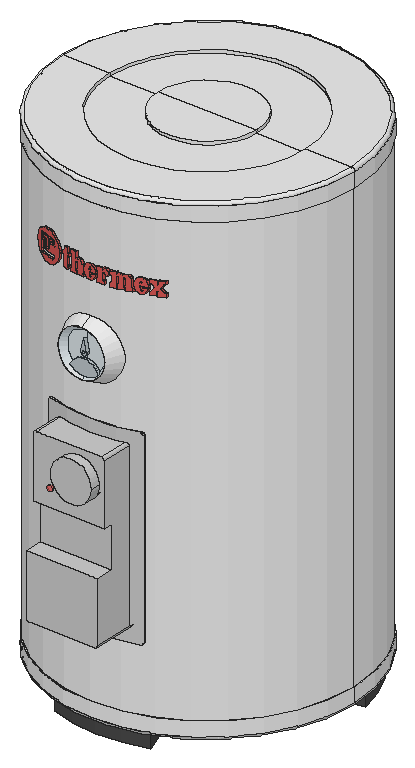
Revit family "THERMEX COMBI ER", category Оборудование, Revit 2017
Family settings
  Размер круглого соединителя = Использовать диаметр
  Тип детали = Нормальный
  На основе рабочей плоскости = Нет
  Всегда вертикально = Да
  При загрузке вырезать с полостями = Нет
  Общий = Нет
  Точка расчета площади = Нет
Parameters (values of type "80")
  ТриЧетверти = THERMEX_ER_COMBI_РезьбаCоCбегами_Наруж : 3/4"
  Т4 = 436.000 mm
  Т3 = 746.000 mm
  Т2 = 236.000 mm
  Т1 = 636.000 mm
  Резьба = if(ДиамТела > 600.000 mm, Дюйм, ТриЧетверти)  # THERMEX_ER_COMBI_РезьбаCоCбегами_Наруж : 3/4"
  РадТелаМинусДесять = РадТела - 10.000 mm  # 240.000 mm
  РадТелаМинус90то = РадТела - 90.000 mm  # 160.000 mm
  РадТела = ДиамТела / 2  # 250.000 mm
  РадРучк = 35.000 mm
  РадФартук = РадТела + 2.000 mm  # 252.000 mm
  РадНарВ1иТ3 = ДиамНарВ1иТ3 / 2  # 12.640 mm
  РадВнутрВ1иТ3 = РадНарВ1иТ3 - 2.500 mm  # 10.140 mm
  Описание = "Бак нагревателя выполнен из стали с биостеклофарфоровым покрытием. Нагрев осуществляется медным змеевидным теплообменником подключаемым к котлу отопления или к иному источнику тепловой энергии и/или ТЭНами. Помимо патрубков подключения холодной, горячей воды и теплоносителя имеются два патрубка-кармана для термодатчиков, что, наряду с электронным управлением, позволяет эффективно интегрировать нагреватель с отопительным котлом"  # constant formula
  Ноги = 25.000 mm
  Лого80 = ЛОГО_220мм_для_COMBI : ЛОГО_220мм_для_COMBI
  Лого300 = ЛОГО_220мм_для_COMBI300 : ЛОГО_220мм_для_COMBI300
  Лого200 = ЛОГО_220мм_для_COMBI200 : ЛОГО_220мм_для_COMBI200
  Лого = if(ДиамТела = 500.000 mm, Лого80, if(ДиамТела = 620.000 mm, Лого300, Лого200))  # ЛОГО_220мм_для_COMBI : ЛОГО_220мм_для_COMBI
  ЛицоБлока = РадТела + if(ДиамТела < 501.000 mm, 62.000 mm, 97.000 mm)  # 312.000 mm
  КореньБлока = РадТела - 62.000 mm  # 188.000 mm
  Комментарии к типоразмеру = "Модель разработана по заказу ТЕРМЕКС, автор Михаил Кузьмин НПО Инкомис, правообладатель ТЕРМЕКС"  # constant formula
  Изготовитель = "ТЕРМЕКС"  # constant formula
  Дюйм = THERMEX_ER_COMBI_РезьбаCоCбегами_Наруж : 1"
  ДуТ4 = 20.000 mm  # constant formula
  ДуТ3 = if(ДиамТела < 600.000 mm, 20.000 mm, 25.000 mm)  # 20.000 mm
  ДуТ2 = 20.000 mm  # constant formula
  ДуТ1 = 20.000 mm  # constant formula
  ДуВ1 = if(ДиамТела < 600.000 mm, 20.000 mm, 25.000 mm)  # 20.000 mm
  ДоНижнегоДатчика = 336.000 mm
  ДоВерхнегоДатчика = 536.000 mm
  ДиамТела = 500.000 mm
  ДиамНарВ1иТ3 = if(Высота > 1500.000 mm, 31.770 mm, 25.280 mm)  # 25.280 mm
  Высота = 850.000 mm
  В1 = 126.000 mm
  URL = "http://thermex.ru/catalog/seriya-combi/thermex-er-80-v-combi/"
  H = 326.000 mm
  ADSK_Примечание = ""
  ADSK_Позиция = "COMBI80ER"
  ADSK_Обозначение = "ГОСТ 28361-89 (МЭК 379-87)"  # constant formula
  ADSK_Наименование = "Водонагреватель аккумуляционный, комбинированный, V80л Thermex COMBI ER"
  ADSK_Масса_Текст = "41"
  ADSK_Завод-изготовитель = "ТЕРМЕКС"  # constant formula
  ADSK_Единица измерения = "шт"  # constant formula
  ADSK_Версия семейства = ""
  ADSK_Версия Revit = ""
Reference planes
  plane 1 "По центру (Вперед/Назад)": y = 0
  plane 2: z = 0
  plane 3 "По центру (Влево/Вправо)": x = 0
  plane 4: z = 25
  plane 5: z = 55
  plane 6 "Т3": z = 746
  plane 7: z = 820
  plane 8: z = 850
  plane 9: x = -250
  plane 10: x = -230
  plane 11: x = -120
  plane 12: x = -251
  plane 13: z = 489.11
  plane 14: z = 162.89
  plane 15: x = -80.757
  plane 16 "3": z = 326
  plane 17: x = 80.757
  plane 18: y = -312
  plane 19: x = -60.757
  plane 20: x = 60.757
  plane 21: y = -188
  plane 22: z = 758.64
  plane 23: z = 469.11
  plane 24: z = 182.89
  plane 25: z = 845
  plane 26: z = 361.064
  plane 27: z = 290.936
  plane 28: y = -297
  plane 29: y = -282
  plane 30: x = 15.757
  plane 31: z = 424.11
  plane 32: x = -30.757
  plane 33: z = 391.064
  plane 34: y = 240
  plane 35: y = 250
  plane 36: y = 260
  plane 37: y = 270
  plane 38: z = 771.28
  plane 39: z = 783.92
  plane 40 "Т1": z = 636
  plane 41: z = 648.64
  plane 42: z = 661.28
  plane 43: z = 673.92
  plane 44 "ГнездоДляДатчикаВерхнее": z = 536
  plane 45: z = 548.64
  plane 46: z = 561.28
  plane 47: z = 573.92
  plane 48 "Т4": z = 436
  plane 49: z = 448.64
  plane 50: z = 461.28
  plane 51: z = 473.92
  plane 52 "Т2": z = 236
  plane 53: z = 248.64
  plane 54: z = 261.28
  plane 55: z = 273.92
  plane 56 "В1": z = 126
  plane 57: z = 138.64
  plane 58: z = 151.28
  plane 59: z = 163.92
  plane 60 "ГнездоДляДатчикаНижнее": z = 336
  plane 61: z = 348.64
  plane 62: z = 361.28
  plane 63: z = 373.92
  plane 64: z = 716
  plane 65: y = 290
  plane 66: z = 546.14
  plane 67: z = 538.5
  plane 68: z = 346.14
  plane 69: z = 338.5
  plane 70: z = 596
  plane 71: z = 656
  plane 72: z = 636
  plane 73: y = -250
  plane 74: y = -230
  plane 75: y = -270
  plane 76: through (0, 0, 1200) normal (0.1736, -0.9848, 0)
  plane 77: through (0, 0, 1200) normal (0.766, -0.6428, 0)
  plane 78: through (0, 0, 1200) normal (-0.766, -0.6428, 0)
  plane 79: through (0, 0, 1200) normal (-0.1736, -0.9848, 0)
  plane 80: through (0, 0, 1200) normal (0.9397, -0.342, 0)
  plane 81: through (0, 0, 1200) normal (0.9397, 0.342, 0)
Forms (mm)
  Extrusion 1, solid, material "Пластмасса, непрозрачная, белая"
    sketch origin (0, 0, 0) x (1, 0, 0) y (0, 1, 0)
      loop
        circle (0, 0) r 250
    from 55 to 820
  Revolve 2, solid, material "Пластмасса, непрозрачная, белая"
    sketch origin (0, 0, 0) x (1, 0, 0) y (0, 0, 1)
      loop
        line (0, 820) -> (0, 850) -> (-83.667, 850) -> (-83.667, 845) -> (-167.333, 845) -> (-167.333, 850) -> (-246, 850)
        arc (-246, 850) -> (-249.536, 848.536) -> (-251, 845) r 5
        line (-251, 845) -> (-251, 820) -> (0, 820)
      axis (0, 850) -> (0, 820)
    angle from 0 to 360
  Revolve 3, solid, material "Пластмасса, непрозрачная, белая"
    sketch origin (0, 0, 0) x (1, 0, 0) y (0, 0, 1)
      loop
        line (-251, 55) -> (-251, 30)
        arc (-251, 30) -> (-249.536, 26.464) -> (-246, 25) r 5
        line (-246, 25) -> (0, 25) -> (0, 55) -> (-251, 55)
      axis (0, 55) -> (0, 25)
    angle from 0 to 360
  Extrusion 4, solid, material "Цинк"
    sketch origin (0, 0, 0) x (1, 0, 0) y (0, 0, 1)
      loop
        circle (0, 746) r 10.14
      loop
        circle (0, 746) r 12.64
    from -270 to -240
  Revolve 5, solid, material "Алюминий, анодированный красный"
    sketch origin (0, 0, 0) x (0, -1, 0) y (0, 0, 1)
      loop
        arc (-240, 783.92) -> (-253.482, 783.11) -> (-260, 771.28) r 13.994
        line (-260, 771.28) -> (-260, 758.64) -> (-240, 758.64) -> (-240, 783.92)
      axis (-240, 746) -> (-260, 746)
    angle from 0 to 360
  Extrusion 6, solid, material "Алюминий, анодированный серебристый"
    sketch origin (0, 0, 326) x (0, -1, 0) y (1, 0, 0)
      loop
        line (236.597, -80.757) -> (238.71, -80.757)
        arc (238.71, -80.757) -> (252, 0) -> (238.71, 80.757) r 252
        line (238.71, 80.757) -> (236.597, 80.757)
        arc (236.597, 80.757) -> (250, 0) -> (236.597, -80.757) r 250
    from -163.11 to 163.11
  Extrusion 7, void
    sketch origin (0, 0, 0) x (1, 0, 0) y (0, 0, 1)
      loop
        line (-80.757, 489.11) -> (-80.757, 484.11)
        arc (-80.757, 484.11) -> (-79.293, 487.646) -> (-75.757, 489.11) r 5
        line (-75.757, 489.11) -> (-80.757, 489.11)
      loop
        line (80.757, 489.11) -> (75.757, 489.11)
        arc (75.757, 489.11) -> (79.293, 487.646) -> (80.757, 484.11) r 5
        line (80.757, 484.11) -> (80.757, 489.11)
      loop
        line (-80.757, 162.89) -> (-75.757, 162.89)
        arc (-75.757, 162.89) -> (-79.293, 164.354) -> (-80.757, 167.89) r 5
        line (-80.757, 167.89) -> (-80.757, 162.89)
      loop
        arc (80.757, 167.89) -> (79.293, 164.354) -> (75.757, 162.89) r 5
        line (75.757, 162.89) -> (80.757, 162.89) -> (80.757, 167.89)
    from 188 to 312
  Extrusion 8, solid, material "Алюминий, анодированный серебристый"
    sketch origin (0, 0, 0) x (1, 0, 0) y (0, 0, 1)
      loop
        arc (-55.757, 469.11) -> (-59.293, 467.646) -> (-60.757, 464.11) r 5
        line (-60.757, 464.11) -> (-60.757, 187.89)
        arc (-60.757, 187.89) -> (-59.293, 184.354) -> (-55.757, 182.89) r 5
        line (-55.757, 182.89) -> (55.757, 182.89)
        arc (55.757, 182.89) -> (59.293, 184.354) -> (60.757, 187.89) r 5
        line (60.757, 187.89) -> (60.757, 464.11)
        arc (60.757, 464.11) -> (59.293, 467.646) -> (55.757, 469.11) r 5
        line (55.757, 469.11) -> (-55.757, 469.11)
    from 188 to 312
  Extrusion 9, void
    sketch origin (0, 0, 0) x (0, 1, 0) y (0, 0, 1)
      loop
        line (-282, 290.936) -> (-282, 361.064) -> (-297, 361.064) -> (-297, 469.11) -> (-312, 469.11) -> (-312, 290.936) -> (-282, 290.936)
    from -60.757 to 60.757
  Extrusion 10, solid, material "Алюминий, анодированный серебристый"
    sketch origin (0, 0, 0) x (1, 0, 0) y (0, 0, 1)
      loop
        circle (15.757, 424.11) r 35
    from 282 to 312
  Extrusion 11, solid, material "Источник света красный"
    sketch origin (0, 0, 0) x (1, 0, 0) y (0, 0, 1)
      loop
        circle (-30.757, 391.064) r 5
    from 297 to 299.762
  Extrusion 12, solid, material "Цинк"
    sketch origin (0, 0, -135) x (1, 0, 0) y (0, 0, 1)
      loop
        circle (0, 771) r 10
      loop
        circle (0, 771) r 12.64
    from -270 to -240
  Revolve 13, solid, material "Алюминий, анодированный красный"
    sketch origin (0, 0, -135) x (0, -1, 0) y (0, 0, 1)
      loop
        arc (-240, 808.92) -> (-253.482, 808.11) -> (-260, 796.28) r 13.994
        line (-260, 796.28) -> (-260, 783.64) -> (-240, 783.64) -> (-240, 808.92)
      axis (-240, 771) -> (-260, 771)
    angle from 0 to 360
  Extrusion 14, solid, material "Пластмасса, непрозрачная, белая"
    sketch origin (0, 0, -270) x (1, 0, 0) y (0, 0, 1)
      loop
        circle (0, 806) r 10
      loop
        line (7.298, 793.36) -> (14.595, 806) -> (7.298, 818.64) -> (-7.298, 818.64) -> (-14.595, 806) -> (-7.298, 793.36) -> (7.298, 793.36)
    from -270 to -260
  Revolve 15, solid, material "Алюминий, анодированный серебристый"
    sketch origin (0, 0, -270) x (0, -1, 0) y (0, 0, 1)
      loop
        arc (-240, 843.92) -> (-253.482, 843.11) -> (-260, 831.28) r 13.994
        line (-260, 831.28) -> (-260, 818.64) -> (-240, 818.64) -> (-240, 843.92)
      axis (-240, 806) -> (-260, 806)
    angle from 0 to 360
  Extrusion 16, solid, material "Цинк"
    sketch origin (0, 0, -440) x (1, 0, 0) y (0, 0, 1)
      loop
        circle (0, 876) r 10
      loop
        circle (0, 876) r 12.64
    from -270 to -240
  Revolve 17, solid, material "Пластмасса, непрозрачная, белая"
    sketch origin (0, 0, -440) x (0, -1, 0) y (0, 0, 1)
      loop
        arc (-240, 913.92) -> (-253.482, 913.11) -> (-260, 901.28) r 13.994
        line (-260, 901.28) -> (-260, 888.64) -> (-240, 888.64) -> (-240, 913.92)
      axis (-240, 876) -> (-260, 876)
    angle from 0 to 360
  Extrusion 18, solid, material "Цинк"
    sketch origin (0, 0, -650) x (1, 0, 0) y (0, 0, 1)
      loop
        circle (0, 886) r 10
      loop
        circle (0, 886) r 12.64
    from -270 to -240
  Revolve 19, solid, material "Алюминий, анодированный синий"
    sketch origin (0, 0, -650) x (0, -1, 0) y (0, 0, 1)
      loop
        arc (-240, 923.92) -> (-253.482, 923.11) -> (-260, 911.28) r 13.994
        line (-260, 911.28) -> (-260, 898.64) -> (-240, 898.64) -> (-240, 923.92)
      axis (-240, 886) -> (-260, 886)
    angle from 0 to 360
  Extrusion 20, solid, material "Цинк"
    sketch origin (0, 0, -790) x (1, 0, 0) y (0, 0, 1)
      loop
        circle (0, 916) r 10.14
      loop
        circle (0, 916) r 12.64
    from -270 to -240
  Revolve 21, solid, material "Алюминий, анодированный синий"
    sketch origin (0, 0, -790) x (0, -1, 0) y (0, 0, 1)
      loop
        arc (-240, 953.92) -> (-253.482, 953.11) -> (-260, 941.28) r 13.994
        line (-260, 941.28) -> (-260, 928.64) -> (-240, 928.64) -> (-240, 953.92)
      axis (-240, 916) -> (-260, 916)
    angle from 0 to 360
  Extrusion 22, solid, material "Пластмасса, непрозрачная, белая"
    sketch origin (0, 0, -705) x (1, 0, 0) y (0, 0, 1)
      loop
        circle (0, 1041) r 10
      loop
        line (7.298, 1028.36) -> (14.595, 1041) -> (7.298, 1053.64) -> (-7.298, 1053.64) -> (-14.595, 1041) -> (-7.298, 1028.36) -> (7.298, 1028.36)
    from -270 to -260
  Revolve 23, solid, material "Алюминий, анодированный серебристый"
    sketch origin (0, 0, -705) x (0, -1, 0) y (0, 0, 1)
      loop
        arc (-240, 1078.92) -> (-253.482, 1078.11) -> (-260, 1066.28) r 13.994
        line (-260, 1066.28) -> (-260, 1053.64) -> (-240, 1053.64) -> (-240, 1078.92)
      axis (-240, 1041) -> (-260, 1041)
    angle from 0 to 360
  Revolve 24, solid, material "Пластмасса, непрозрачная, белая"
    sketch origin (0, 0, 0) x (0, 1, 0) y (0, 0, 1)
      loop
        line (260, 546.14) -> (260, 548.64) -> (240, 548.64) -> (240, 536) -> (270, 536) -> (270, 538.5) -> (290, 538.5) -> (290, 541.14)
        arc (290, 541.14) -> (288.536, 544.676) -> (285, 546.14) r 5
        line (285, 546.14) -> (260, 546.14)
      axis (290, 536) -> (240, 536)
    angle from 0 to 360
  Revolve 25, solid, material "Пластмасса, непрозрачная, белая"
    sketch origin (0, 0, -700) x (0, 1, 0) y (0, 0, 1)
      loop
        line (260, 1046.14) -> (260, 1048.64) -> (240, 1048.64) -> (240, 1036) -> (270, 1036) -> (270, 1038.5) -> (290, 1038.5) -> (290, 1041.14)
        arc (290, 1041.14) -> (288.536, 1044.676) -> (285, 1046.14) r 5
        line (285, 1046.14) -> (260, 1046.14)
      axis (290, 1036) -> (240, 1036)
    angle from 0 to 360
  Revolve 26, solid, material "Пластмасса, непрозрачная, белая"
    sketch origin (0, 0, 0) x (0, 1, 0) y (0, 0, 1)
      loop
        line (-230, 656) -> (-270, 636) -> (-260, 628.5) -> (-260, 596) -> (-230, 596) -> (-230, 656)
      axis (-230, 596) -> (-270, 596)
    angle from 0 to 360
  Extrusion 27, solid, material "Алюминий, анодированный серебристый"
    sketch origin (0, 0, 0) x (1, 0, 0) y (0, 0, 1)
      loop
        arc (-25.466, 565.154) -> (0, 556) -> (25.466, 565.154) r 40
        arc (25.466, 565.154) -> (0, 585.963) -> (-25.466, 565.154) r 25.987
      loop
        arc (-5, 596) -> (0, 591) -> (5, 596) r 5
        line (5, 596) -> (0, 617.749) -> (-5, 596)
      loop
        circle (0, 596) r 2.77
    from 260 to 265
  Extrusion 28, solid, material "Стекло"
    sketch origin (0, 0, 0) x (1, 0, 0) y (0, 0, 1)
      loop
        circle (0, 596) r 40
    from 265 to 270
  Extrusion 29, solid, material "Пластмасса, непрозрачная, черная"
    sketch origin (0, 0, 326) x (0, -1, 0) y (1, 0, 0)
      loop
        line (-41.676, -236.354) -> (-27.784, -157.569)
        arc (-27.784, -157.569) -> (-80, -138.564) -> (-122.567, -102.846) r 160
        line (-122.567, -102.846) -> (-183.851, -154.269)
        arc (-183.851, -154.269) -> (-120, -207.846) -> (-41.676, -236.354) r 240
      loop
        line (-183.851, 154.269) -> (-122.567, 102.846)
        arc (-122.567, 102.846) -> (-80, 138.564) -> (-27.784, 157.569) r 160
        line (-27.784, 157.569) -> (-41.676, 236.354)
        arc (-41.676, 236.354) -> (-120, 207.846) -> (-183.851, 154.269) r 240
      loop
        arc (150.351, 54.723) -> (160, 0) -> (150.351, -54.723) r 160
        line (150.351, -54.723) -> (225.526, -82.085)
        arc (225.526, -82.085) -> (240, 0) -> (225.526, 82.085) r 240
        line (225.526, 82.085) -> (150.351, 54.723)
    from -326 to -301
Cuts and joins
  Extrusion 7 cuts Extrusion 6
  Extrusion 9 cuts Extrusion 8
Dimensions and locks
  "Ноги": plane 4 to plane 2
  locked: plane 5 to plane 4 at 30
  locked: plane 8 to plane 7 at 30
  "РадТела": plane 3 "По центру (Влево/Вправо)" to plane 9
  plane 10 to plane 9 = 20.000 mm
  plane 11 to plane 10 = 110.000 mm
  locked: plane 9 to plane 12 at 1
  equal spacing: plane 13, plane 16 "3", plane 14
  equal spacing: plane 3 "По центру (Влево/Вправо)", Revolve 2 sketch curve, Revolve 2 sketch curve, Revolve 2 sketch curve
  equal spacing: plane 15, plane 3 "По центру (Влево/Вправо)", plane 17
  plane 15 to plane 17 = 161.514 mm
  locked: plane 24 to plane 14 at 20
  locked: plane 13 to plane 23 at 20
  plane 20 to plane 17 = 20.000 mm
  plane 15 to plane 19 = 20.000 mm
  "КореньБлока": plane 1 "По центру (Вперед/Назад)" to plane 21
  "ЛицоБлока": plane 1 "По центру (Вперед/Назад)" to plane 18
  locked: plane 8 to plane 25 at 5
  "H": plane 2 to plane 16 "3"
  equal spacing: plane 26, plane 16 "3", plane 27
  locked: plane 26 to plane 16 "3" at 35.064
  plane 28 to plane 18 = 15.000 mm
  equal spacing: plane 29, plane 28, plane 18
  locked: plane 20 to plane 30 at 45
  locked: plane 23 to plane 31 at 45
  locked: plane 32 to plane 19 at 30
  locked: plane 33 to plane 26 at 30
  locked: Extrusion 11 to plane 28 at 2.762
  "Высота": plane 8 to plane 2
  equal spacing: plane 37, plane 36, plane 35, plane 34
  locked: plane 35 to plane 34 at 10
  "РадТела": plane 35 to plane 1 "По центру (Вперед/Назад)"
  equal spacing: plane 6 "Т3", plane 22, plane 38, plane 39
  locked: plane 13 to plane 16 "3" at 163.11
  equal spacing: plane 40 "Т1", plane 41, plane 42, plane 43
  locked: plane 44 "ГнездоДляДатчикаВерхнее" to plane 45 at 12.64
  equal spacing: plane 44 "ГнездоДляДатчикаВерхнее", plane 45, plane 46, plane 47
  locked: plane 48 "Т4" to plane 49 at 12.64
  equal spacing: plane 48 "Т4", plane 49, plane 50, plane 51
  equal spacing: plane 52 "Т2", plane 53, plane 54, plane 55
  equal spacing: plane 56 "В1", plane 57, plane 58, plane 59
  "В1": plane 56 "В1" to plane 2
  "Т2": plane 52 "Т2" to plane 2
  locked: plane 60 "ГнездоДляДатчикаНижнее" to plane 61 at 12.64
  equal spacing: plane 60 "ГнездоДляДатчикаНижнее", plane 61, plane 62, plane 63
  "ДоНижнегоДатчика": plane 60 "ГнездоДляДатчикаНижнее" to plane 2
  "Т4": plane 48 "Т4" to plane 2
  "ДоВерхнегоДатчика": plane 44 "ГнездоДляДатчикаВерхнее" to plane 2
  "Т1": plane 40 "Т1" to plane 2
  "Т3": plane 6 "Т3" to plane 2
  "ДиамНарВ1иТ3": plane 6 "Т3" to plane 38
  plane 40 "Т1" to plane 42 = 25.280 mm
  plane 52 "Т2" to plane 54 = 25.280 mm
  "ДиамНарВ1иТ3": plane 56 "В1" to plane 58
  equal spacing: Extrusion 22 sketch curve, plane 60 "ГнездоДляДатчикаНижнее", Extrusion 22 sketch curve
  equal spacing: Extrusion 22 sketch curve, plane 3 "По центру (Влево/Вправо)", Extrusion 22 sketch curve
  equal spacing: Extrusion 14 sketch curve, plane 44 "ГнездоДляДатчикаВерхнее", Extrusion 14 sketch curve
  equal spacing: Extrusion 14 sketch curve, plane 3 "По центру (Влево/Вправо)", Extrusion 14 sketch curve
  locked: plane 65 to plane 37 at 20
  locked: plane 66 to plane 45 at 2.5
  locked: plane 67 to plane 44 "ГнездоДляДатчикаВерхнее" at 2.5
  locked: plane 68 to plane 61 at 2.5
  locked: plane 69 to plane 60 "ГнездоДляДатчикаНижнее" at 2.5
  locked: plane 6 "Т3" to plane 64 at 30
  locked: plane 64 to plane 70 at 120
  locked: plane 71 to plane 70 at 60
  "РадТела": plane 1 "По центру (Вперед/Назад)" to plane 73
  plane 74 to plane 73 to plane 75 = 20.000 mm locked, 20.000 mm locked
  locked: plane 71 to plane 72 at 20
  equal spacing: plane 73, Revolve 26 sketch curve, plane 75
  equal spacing: Revolve 26, Extrusion 27, plane 75
  "РадТела": radius of Extrusion 1 sketch curve
  "РадНарВ1иТ3": radius of Extrusion 4 sketch curve
  "РадТела": radius of Extrusion 6 sketch curve
  "РадФартук": radius of Extrusion 6 sketch curve
  "РадРучк": radius of Extrusion 10 sketch curve
  "РадВнутрВ1иТ3": radius of Extrusion 4 sketch curve
  radius of Extrusion 12 sketch curve = 12.640 mm
  radius of Extrusion 12 sketch curve = 10.000 mm
  radius of Extrusion 14 sketch curve = 10.000 mm
  radius of Extrusion 16 sketch curve = 12.640 mm
  radius of Extrusion 16 sketch curve = 10.000 mm
  radius of Extrusion 18 sketch curve = 12.640 mm
  radius of Extrusion 18 sketch curve = 10.000 mm
  "РадНарВ1иТ3": radius of Extrusion 20 sketch curve
  "РадВнутрВ1иТ3": radius of Extrusion 20 sketch curve
  radius of Extrusion 22 sketch curve = 10.000 mm
  "РадТелаМинус90то": radius of Extrusion 29 sketch curve  (x3)
  "РадТелаМинусДесять": radius of Extrusion 29 sketch curve  (x3)
  aligned and locked: level to plane 2
  aligned and locked: plane 3 "По центру (Влево/Вправо)" to Extrusion 1 sketch curve
  aligned and locked: plane 1 "По центру (Вперед/Назад)" to Extrusion 1 sketch curve
  aligned and locked: plane 7 to Revolve 2 sketch curve
  aligned and locked: Revolve 2 sketch curve to plane 3 "По центру (Влево/Вправо)"  (x2)
  aligned and locked: plane 5 to Revolve 3 sketch curve
  aligned and locked: Revolve 3 sketch curve to plane 12
  aligned and locked: Revolve 3 sketch curve to plane 3 "По центру (Влево/Вправо)"
  aligned and locked: plane 3 "По центру (Влево/Вправо)" to Revolve 3 sketch curve
  aligned and locked: plane 7 to Extrusion 1
  aligned and locked: Revolve 2 sketch curve to plane 8  (x2)
  aligned and locked: Extrusion 1 to plane 5
  aligned and locked: Revolve 3 sketch curve to plane 4
  aligned and locked: Extrusion 6 sketch curve to plane 15
  aligned and locked: plane 17 to Extrusion 6 sketch curve
  aligned and locked: plane 13 to Extrusion 6
  aligned and locked: Extrusion 6 to plane 14
  aligned and locked: Extrusion 7 sketch curve to plane 14
  aligned and locked: Extrusion 7 sketch curve to plane 15  (x2)
  aligned and locked: plane 13 to Extrusion 7 sketch curve
  aligned and locked: plane 17 to Extrusion 7 sketch curve  (x2)
  aligned and locked: Extrusion 7 sketch curve to plane 13
  aligned and locked: Extrusion 7 to plane 18
  aligned and locked: plane 3 "По центру (Влево/Вправо)" to Extrusion 6 sketch curve  (x2)
  aligned and locked: plane 1 "По центру (Вперед/Назад)" to Extrusion 6 sketch curve  (x2)
  aligned and locked: plane 14 to Extrusion 7 sketch curve
  aligned and locked: Extrusion 8 sketch curve to plane 19
  aligned and locked: plane 20 to Extrusion 8 sketch curve
  aligned and locked: Extrusion 8 sketch curve to plane 23
  aligned and locked: plane 24 to Extrusion 8 sketch curve
  aligned and locked: Extrusion 8 to plane 21
  aligned and locked: Extrusion 8 to plane 18
  aligned and locked: Extrusion 7 to plane 21
  aligned and locked: Extrusion 7 to Extrusion 8
  aligned and locked: Revolve 2 sketch curve to plane 25
  aligned and locked: Extrusion 9 sketch curve to plane 27
  aligned and locked: Extrusion 9 sketch curve to plane 18
  aligned and locked: Extrusion 9 to plane 19
  aligned and locked: Extrusion 9 to plane 20
  aligned and locked: plane 29 to Extrusion 9 sketch curve
  aligned and locked: Extrusion 9 sketch curve to plane 23
  aligned and locked: plane 28 to Extrusion 9 sketch curve
  aligned and locked: Extrusion 9 sketch curve to plane 26
  aligned and locked: plane 30 to Extrusion 10 sketch curve
  aligned and locked: plane 31 to Extrusion 10 sketch curve
  aligned and locked: Extrusion 10 to plane 18
  aligned and locked: cut or joined group of Extrusion 8, Extrusion 9 to Extrusion 10
  aligned and locked: plane 32 to Extrusion 11 sketch curve
  aligned and locked: plane 33 to Extrusion 11 sketch curve
  aligned and locked: Extrusion 11 to plane 28
  aligned and locked: plane 34 to Extrusion 4
  aligned and locked: Revolve 5 sketch curve to plane 34
  aligned and locked: plane 6 "Т3" to Revolve 5 sketch curve
  aligned and locked: plane 38 to Revolve 5 sketch curve
  aligned and locked: plane 36 to Revolve 5 sketch curve
  aligned and locked: Revolve 5 sketch curve to plane 22
  aligned and locked: plane 39 to Revolve 5 sketch curve
  aligned and locked: Extrusion 4 to plane 37
  aligned and locked: plane 40 "Т1" to Revolve 13 sketch curve
  aligned and locked: Revolve 13 sketch curve to plane 41
  aligned and locked: plane 44 "ГнездоДляДатчикаВерхнее" to Revolve 15 sketch curve
  aligned and locked: plane 46 to Revolve 15 sketch curve
  aligned and locked: Revolve 15 sketch curve to plane 45
  aligned and locked: plane 48 "Т4" to Revolve 17 sketch curve
  aligned and locked: plane 50 to Revolve 17 sketch curve
  aligned and locked: Revolve 17 sketch curve to plane 49
  aligned and locked: plane 52 "Т2" to Revolve 19 sketch curve
  aligned and locked: plane 54 to Revolve 19 sketch curve
  aligned and locked: Revolve 19 sketch curve to plane 53
  aligned and locked: plane 55 to Revolve 19 sketch curve
  aligned and locked: plane 56 "В1" to Revolve 21 sketch curve
  aligned and locked: plane 58 to Revolve 21 sketch curve
  aligned and locked: Revolve 21 sketch curve to plane 57
  aligned and locked: Revolve 21 sketch curve to plane 34
  aligned and locked: plane 59 to Revolve 21 sketch curve
  aligned and locked: plane 36 to Revolve 21 sketch curve
  aligned and locked: Extrusion 20 to plane 37
  aligned and locked: plane 34 to Extrusion 20
  aligned and locked: Extrusion 18 to plane 37
  aligned and locked: plane 34 to Extrusion 18
  aligned and locked: plane 60 "ГнездоДляДатчикаНижнее" to Revolve 23 sketch curve
  aligned and locked: Revolve 23 sketch curve to plane 61
  aligned and locked: Extrusion 4 to Extrusion 12
  aligned and locked: Extrusion 12 to Extrusion 4
  aligned and locked: Revolve 23 sketch curve to plane 34
  aligned and locked: plane 36 to Revolve 23 sketch curve
  aligned and locked: plane 62 to Revolve 23 sketch curve
  aligned and locked: plane 63 to Revolve 23 sketch curve
  aligned and locked: Extrusion 22 to plane 37
  aligned and locked: Revolve 17 sketch curve to plane 34
  aligned and locked: plane 51 to Revolve 17 sketch curve
  aligned and locked: plane 36 to Revolve 17 sketch curve
  aligned and locked: Extrusion 16 to plane 37
  aligned and locked: plane 34 to Extrusion 16
  aligned and locked: Revolve 15 sketch curve to plane 34
  aligned and locked: plane 36 to Revolve 15 sketch curve
  aligned and locked: plane 47 to Revolve 15 sketch curve
  aligned and locked: Extrusion 14 to plane 37
  aligned and locked: Revolve 13 sketch curve to plane 34
  aligned and locked: plane 36 to Revolve 13 sketch curve
  aligned and locked: plane 43 to Revolve 13 sketch curve
  aligned and locked: plane 42 to Revolve 13 sketch curve
  aligned and locked: nested 1 to plane 64
  aligned and locked: plane 36 to Extrusion 14
  aligned and locked: plane 36 to Extrusion 22
  aligned and locked: Revolve 24 sketch curve to plane 44 "ГнездоДляДатчикаВерхнее"  (x2)
  aligned and locked: plane 45 to Revolve 24 sketch curve
  aligned and locked: plane 34 to Revolve 24 sketch curve
  aligned and locked: Revolve 24 sketch curve to plane 37
  aligned and locked: plane 36 to Revolve 24 sketch curve
  aligned and locked: plane 65 to Revolve 24 sketch curve
  aligned and locked: Revolve 24 sketch curve to plane 67
  aligned and locked: Revolve 24 sketch curve to plane 66
  aligned and locked: Revolve 25 sketch curve to plane 60 "ГнездоДляДатчикаНижнее"  (x2)
  aligned and locked: plane 34 to Revolve 25 sketch curve
  aligned and locked: plane 36 to Revolve 25 sketch curve
  aligned and locked: Revolve 25 sketch curve to plane 37
  aligned and locked: plane 65 to Revolve 25 sketch curve
  aligned and locked: Revolve 25 sketch curve to plane 69
  aligned and locked: Revolve 25 sketch curve to plane 68
  aligned and locked: Revolve 26 sketch curve to plane 75
  aligned and locked: plane 72 to Revolve 26 sketch curve
  aligned and locked: plane 71 to Revolve 26 sketch curve
  aligned and locked: Revolve 26 sketch curve to plane 74
  aligned and locked: plane 70 to Revolve 26 sketch curve  (x2)
  aligned and locked: plane 70 to Extrusion 27 sketch curve  (x3)
  aligned and locked: Extrusion 27 to Revolve 26
  aligned and locked: plane 3 "По центру (Влево/Вправо)" to Extrusion 28 sketch curve
  aligned and locked: plane 70 to Extrusion 28 sketch curve
  aligned and locked: plane 3 "По центру (Влево/Вправо)" to Extrusion 27 sketch curve
  aligned and locked: Extrusion 28 to plane 75
  aligned and locked: Extrusion 28 to Extrusion 27
  aligned and locked: plane 56 "В1" to nested 6
  aligned and locked: plane 52 "Т2" to nested 5
  aligned and locked: plane 48 "Т4" to nested 4
  aligned and locked: plane 40 "Т1" to nested 3
  aligned and locked: plane 6 "Т3" to nested 2
  aligned and locked: plane 3 "По центру (Влево/Вправо)" to nested 2
  aligned and locked: plane 3 "По центру (Влево/Вправо)" to nested 3
  aligned and locked: plane 3 "По центру (Влево/Вправо)" to nested 4
  aligned and locked: plane 3 "По центру (Влево/Вправо)" to nested 5
  aligned and locked: plane 3 "По центру (Влево/Вправо)" to nested 6
  aligned and locked: plane 78 to Extrusion 29 sketch curve
  aligned and locked: plane 79 to Extrusion 29 sketch curve
  aligned and locked: plane 77 to Extrusion 29 sketch curve
  aligned and locked: plane 76 to Extrusion 29 sketch curve
  aligned and locked: Extrusion 29 sketch curve to plane 81
  aligned and locked: Extrusion 29 sketch curve to plane 80
  aligned and locked: plane 1 "По центру (Вперед/Назад)" to Extrusion 29 sketch curve  (x6)
  aligned and locked: plane 3 "По центру (Влево/Вправо)" to Extrusion 29 sketch curve  (x6)
  aligned and locked: Extrusion 29 to plane 2
  aligned and locked: plane 4 to Extrusion 29
Automatic sketch dimensions
  Revolve 2 sketch curve to plane 12 = 0.000 mm
  Revolve 2 sketch curve to plane 25 = 0.000 mm
  Revolve 2 sketch curve to plane 39 = 4.920 mm
  Revolve 2 sketch curve to Revolve 2 sketch curve = 46.000 mm
  plane 9 to Revolve 3 sketch curve = 4.000 mm
  Revolve 3 sketch curve to level = 95.000 mm
  plane 24 to Revolve 3 sketch curve = 1.140 mm
  Extrusion 4 sketch curve to Extrusion 4 sketch curve = 0.000 mm  (x2)
  Extrusion 4 sketch curve to plane 3 "По центру (Влево/Вправо)" = 0.000 mm
  Extrusion 4 sketch curve to plane 6 "Т3" = 0.000 mm
  Revolve 5 sketch curve to plane 65 = 30.000 mm
  plane 34 to Revolve 5 sketch curve = 21.085 mm
  plane 15 to Extrusion 7 sketch curve = 5.000 mm
  plane 14 to Extrusion 7 sketch curve = 5.000 mm  (x2)
  plane 17 to Extrusion 7 sketch curve = 5.000 mm
  plane 19 to Extrusion 8 sketch curve = 5.000 mm  (x2)
  plane 20 to Extrusion 8 sketch curve = 5.000 mm  (x2)
  Extrusion 12 sketch curve to Extrusion 12 sketch curve = 0.000 mm  (x2)
  Extrusion 12 sketch curve to plane 3 "По центру (Влево/Вправо)" = 0.000 mm
  Extrusion 12 sketch curve to plane 40 "Т1" = 0.000 mm
  Revolve 13 sketch curve to plane 65 = 30.000 mm
  plane 34 to Revolve 13 sketch curve = 21.085 mm
  Extrusion 14 sketch curve to plane 44 "ГнездоДляДатчикаВерхнее" = 0.000 mm  (x3)
  Extrusion 14 sketch curve to plane 45 = 0.000 mm
  Extrusion 14 sketch curve to plane 3 "По центру (Влево/Вправо)" = 0.000 mm
  Extrusion 14 sketch curve to plane 3 "По центру (Влево/Вправо)" = 7.298 mm  (x2)
  Extrusion 14 sketch curve to Extrusion 14 sketch curve = 7.298 mm
  plane 3 "По центру (Влево/Вправо)" to Extrusion 14 sketch curve = 7.298 mm  (x2)
  Revolve 15 sketch curve to plane 65 = 30.000 mm
  plane 34 to Revolve 15 sketch curve = 21.085 mm
  Extrusion 16 sketch curve to Extrusion 16 sketch curve = 0.000 mm  (x2)
  Extrusion 16 sketch curve to plane 3 "По центру (Влево/Вправо)" = 0.000 mm
  Extrusion 16 sketch curve to plane 48 "Т4" = 0.000 mm
  Revolve 17 sketch curve to plane 65 = 30.000 mm
  plane 34 to Revolve 17 sketch curve = 21.085 mm
  Extrusion 18 sketch curve to Extrusion 18 sketch curve = 0.000 mm  (x2)
  Extrusion 18 sketch curve to plane 3 "По центру (Влево/Вправо)" = 0.000 mm
  Extrusion 18 sketch curve to plane 52 "Т2" = 0.000 mm
  Revolve 19 sketch curve to plane 36 = 0.000 mm
  Revolve 19 sketch curve to plane 34 = 0.000 mm
  Revolve 19 sketch curve to plane 65 = 30.000 mm
  plane 34 to Revolve 19 sketch curve = 21.085 mm
  Extrusion 20 sketch curve to Extrusion 20 sketch curve = 0.000 mm  (x2)
  Extrusion 20 sketch curve to plane 3 "По центру (Влево/Вправо)" = 0.000 mm
  Extrusion 20 sketch curve to plane 56 "В1" = 0.000 mm
  Revolve 21 sketch curve to plane 65 = 30.000 mm
  plane 34 to Revolve 21 sketch curve = 21.085 mm
  Extrusion 22 sketch curve to plane 60 "ГнездоДляДатчикаНижнее" = 0.000 mm  (x3)
  Extrusion 22 sketch curve to plane 61 = 0.000 mm
  Extrusion 22 sketch curve to plane 3 "По центру (Влево/Вправо)" = 0.000 mm
  Extrusion 22 sketch curve to plane 3 "По центру (Влево/Вправо)" = 7.298 mm  (x2)
  Extrusion 22 sketch curve to Extrusion 22 sketch curve = 7.298 mm
  plane 3 "По центру (Влево/Вправо)" to Extrusion 22 sketch curve = 7.298 mm  (x2)
  Revolve 23 sketch curve to plane 65 = 30.000 mm
  plane 34 to Revolve 23 sketch curve = 21.085 mm
  plane 65 to Revolve 24 sketch curve = 5.000 mm
  plane 34 to Revolve 24 sketch curve = 3.538 mm
  Revolve 24 sketch curve to plane 65 = 5.000 mm
  plane 61 to Revolve 25 sketch curve = 0.000 mm
  plane 65 to Revolve 25 sketch curve = 5.000 mm
  plane 34 to Revolve 25 sketch curve = 3.538 mm
  Revolve 25 sketch curve to plane 65 = 5.000 mm
  Revolve 26 sketch curve to plane 72 = 7.500 mm
  plane 29 to Revolve 26 sketch curve = 9.000 mm
  plane 21 to Revolve 26 sketch curve = 15.000 mm
  Extrusion 27 sketch curve to Extrusion 27 sketch curve = 0.000 mm  (x3)
  Extrusion 27 sketch curve to plane 3 "По центру (Влево/Вправо)" = 0.000 mm  (x2)
  Extrusion 27 sketch curve to plane 3 "По центру (Влево/Вправо)" = 5.000 mm
  Extrusion 27 sketch curve to plane 70 = 36.024 mm
  Extrusion 27 sketch curve to plane 72 = 18.251 mm
  plane 32 to Extrusion 27 sketch curve = 5.291 mm
  Extrusion 27 sketch curve to Extrusion 27 sketch curve = 5.178 mm
  radius of Extrusion 11 sketch curve = 5.000 mm
  radius of Extrusion 27 sketch curve = 2.770 mm
  radius of Extrusion 28 sketch curve = 40.000 mm
Nested families
  nested 1: "ЛОГО_220мм_для_COMBI" at (0.081, -250, 716) x (1, 0.0003, 0) z (0.0003, -1, 0), type <- "Лого", type "ЛОГО_220мм_для_COMBI"
  nested 2: "THERMEX_ER_COMBI_РезьбаCоCбегами_Наруж" at (0, 270, 746) x (1, 0, 0) z (0, 1, 0), type <- "Резьба", type "3/4""
  nested 3: "THERMEX_ER_COMBI_РезьбаCоCбегами_Наруж" at (0, 270, 636) x (1, 0, 0) z (0, 1, 0), type "3/4""
  nested 4: "THERMEX_ER_COMBI_РезьбаCоCбегами_Наруж" at (0, 270, 436) x (1, 0, 0) z (0, 1, 0), type "3/4""
  nested 5: "THERMEX_ER_COMBI_РезьбаCоCбегами_Наруж" at (0, 270, 236) x (1, 0, 0) z (0, 1, 0), type "3/4""
  nested 6: "THERMEX_ER_COMBI_РезьбаCоCбегами_Наруж" at (0, 270, 126) x (1, 0, 0) z (0, 1, 0), type <- "Резьба", type "3/4""
Connectors
  piping at (0, 270, 746), diameter 20, driven by "ДуТ3"
    settings: on Extrusion 4, index 1, connector inside diameter 609.6 mm, connector length 0.000 mm, flow factor 0, pipe flow 0.0 L/s, pressure drop 0.0 Pa, fitting loss kfactor 0, connector angle 0.00°, fixture units 0, engagement length 0.000 mm, angle of deflection 0.00°, flow configuration 0, flow direction 2, fitting loss method 0, system type 19, joint type 0, gender type 0, connector reference index -1, connector utility 0, adjustable connector no, is connector primary yes, connector description ""
  piping at (0, 270, 636), diameter 20, driven by "ДуТ1"
    settings: on Extrusion 12, index 2, connector inside diameter 609.6 mm, connector length 0.000 mm, flow factor 0, pipe flow 0.0 L/s, pressure drop 0.0 Pa, fitting loss kfactor 0, connector angle 0.00°, fixture units 0, engagement length 0.000 mm, angle of deflection 0.00°, flow configuration 0, flow direction 1, fitting loss method 0, system type 7, joint type 0, gender type 0, connector reference index -1, connector utility 0, adjustable connector no, is connector primary no, connector description ""
  piping at (0, 270, 436), diameter 20, driven by "ДуТ4"
    settings: on Extrusion 16, index 3, connector inside diameter 609.6 mm, connector length 0.000 mm, flow factor 0, pipe flow 0.0 L/s, pressure drop 0.0 Pa, fitting loss kfactor 0, connector angle 0.00°, fixture units 0, engagement length 0.000 mm, angle of deflection 0.00°, flow configuration 0, flow direction 0, fitting loss method 0, system type 22, joint type 0, gender type 0, connector reference index -1, connector utility 0, adjustable connector no, is connector primary no, connector description ""
  piping at (0, 270, 236), diameter 20, driven by "ДуТ2"
    settings: on Extrusion 18, index 4, connector inside diameter 609.6 mm, connector length 0.000 mm, flow factor 0, pipe flow 0.0 L/s, pressure drop 0.0 Pa, fitting loss kfactor 0, connector angle 0.00°, fixture units 0, engagement length 0.000 mm, angle of deflection 0.00°, flow configuration 0, flow direction 2, fitting loss method 0, system type 8, joint type 0, gender type 0, connector reference index -1, connector utility 0, adjustable connector no, is connector primary no, connector description ""
  piping at (0, 270, 126), diameter 20, driven by "ДуВ1"
    settings: on Extrusion 20, index 5, connector inside diameter 609.6 mm, connector length 0.000 mm, flow factor 0, pipe flow 0.0 L/s, pressure drop 0.0 Pa, fitting loss kfactor 0, connector angle 0.00°, fixture units 0, engagement length 0.000 mm, angle of deflection 0.00°, flow configuration 0, flow direction 1, fitting loss method 0, system type 20, joint type 0, gender type 0, connector reference index -1, connector utility 0, adjustable connector no, is connector primary no, connector description ""
Definition of nested family "ЛОГО_220мм_для_COMBI"
  Parameters (values of type "ЛОГО_220мм_для_COMBI")
    Default Elevation = 1219.200 mm
  Reference planes
    plane 1 "По центру (Вперед/Назад)": y = 0
    plane 2: z = 0
    plane 3 "По центру (Влево/Вправо)": x = 0
    plane 4: z = -315
    plane 5: z = 1
    plane 6: z = 2
    plane 7: z = -1
  Forms (mm)
    Extrusion 1, solid
      sketch origin (0, 0, 0) x (1, 0, 0) y (0, 1, 0)
        loop
          line (-1219.2, 1219.2) -> (-1219.2, -1219.2) -> (1219.2, -1219.2) -> (1219.2, 1219.2) -> (-1219.2, 1219.2)
      from 0 to -304.8
    Extrusion 2, solid
      sketch origin (3.047, -79.897, 0) x (1, 0, 0) y (0, 1, 0)
        loop
          line (106.94, 85.653) -> (106.94, 90.496) -> (97.914, 90.496) -> (97.914, 85.626)
          spline (97.914, 85.626) -> (98.096, 85.525) -> (98.236, 85.41) -> (98.334, 85.282) -> (98.392, 85.14) -> (98.408, 84.984) -> (98.383, 84.815) -> (98.317, 84.631) -> (98.21, 84.434) -> (98.062, 84.224) -> (97.872, 83.999) -> (97.642, 83.761) -> (97.37, 83.509)
          spline (97.37, 83.509) -> (97.091, 83.779) -> (96.857, 84.031) -> (96.666, 84.266) -> (96.518, 84.483) -> (96.415, 84.682) -> (96.354, 84.864) -> (96.338, 85.029) -> (96.365, 85.176) -> (96.435, 85.305) -> (96.55, 85.417) -> (96.707, 85.512) -> (96.909, 85.589)
          line (96.909, 85.589) -> (96.909, 90.496) -> (86.436, 90.496) -> (86.436, 85.653)
          arc (86.436, 85.653) -> (87.426, 85.219) -> (88.214, 84.48) r 3.186
          line (88.214, 84.48) -> (92.914, 78.257) -> (88.664, 72.767)
          arc (88.664, 72.767) -> (87.663, 71.777) -> (86.439, 71.082) r 5.346
          line (86.439, 71.082) -> (86.439, 65.978) -> (95.529, 65.978) -> (95.529, 71.249)
          spline (95.529, 71.249) -> (95.364, 71.357) -> (95.237, 71.476) -> (95.148, 71.608) -> (95.097, 71.75) -> (95.085, 71.905) -> (95.11, 72.071) -> (95.173, 72.249) -> (95.274, 72.438) -> (95.414, 72.639) -> (95.591, 72.852) -> (95.807, 73.076) -> (96.06, 73.312)
          spline (96.06, 73.312) -> (96.31, 73.093) -> (96.522, 72.881) -> (96.695, 72.676) -> (96.83, 72.479) -> (96.927, 72.29) -> (96.986, 72.108) -> (97.006, 71.934) -> (96.988, 71.767) -> (96.932, 71.608) -> (96.838, 71.456) -> (96.705, 71.311) -> (96.534, 71.175)
          line (96.534, 71.175) -> (96.534, 65.978) -> (107.45, 65.978) -> (107.45, 71.184)
          arc (107.45, 71.184) -> (106.177, 71.781) -> (105.149, 72.738) r 4.531
          line (105.149, 72.738) -> (100.818, 78.257) -> (104.072, 83.468)
          arc (104.072, 83.468) -> (105.306, 84.822) -> (106.94, 85.653) r 5.098
        loop
          line (73.381, 77.463) -> (84.464, 77.463) -> (84.464, 80.716)
          arc (84.464, 80.716) -> (74.589, 90.591) -> (64.714, 80.716) r 9.875
          line (64.714, 80.716) -> (64.714, 75.794)
          arc (64.714, 75.794) -> (74.544, 65.964) -> (84.373, 75.794) r 9.83
          line (84.373, 75.794) -> (77.195, 75.794)
          arc (77.195, 75.794) -> (77.071, 73.932) -> (76.551, 72.141) r 8.656
          arc (76.551, 72.141) -> (74.972, 71.255) -> (73.746, 72.587) r 1.459
          line (73.746, 72.587) -> (73.381, 77.463)
        loop
          line (73.285, 81.85) -> (76.81, 81.85) -> (76.27, 84.664)
          arc (76.27, 84.664) -> (74.986, 85.71) -> (73.733, 84.627) r 1.288
          line (73.733, 84.627) -> (73.285, 81.85)
        loop
          line (39.367, 90.469) -> (29.477, 90.469) -> (29.477, 85.599)
          arc (29.477, 85.599) -> (30.955, 85.178) -> (31.597, 83.783) r 1.838
          line (31.597, 83.783) -> (31.597, 72.938)
          arc (31.597, 72.938) -> (30.968, 71.554) -> (29.51, 71.117) r 1.838
          line (29.51, 71.117) -> (29.51, 65.978) -> (40.572, 65.978) -> (40.572, 71.221)
          arc (40.572, 71.221) -> (39.764, 71.796) -> (39.454, 72.738) r 1.589
          line (39.454, 72.738) -> (39.454, 83.632)
          arc (39.454, 83.632) -> (41.105, 85.283) -> (42.756, 83.632) r 1.651
          line (42.756, 83.632) -> (42.756, 72.738)
          arc (42.756, 72.738) -> (42.427, 71.77) -> (41.577, 71.203) r 1.589
          line (41.577, 71.203) -> (41.577, 65.978) -> (51.667, 65.978) -> (51.667, 71.221)
          arc (51.667, 71.221) -> (50.858, 71.796) -> (50.549, 72.738) r 1.589
          line (50.549, 72.738) -> (50.549, 83.632)
          arc (50.549, 83.632) -> (52.2, 85.283) -> (53.851, 83.632) r 1.651
          line (53.851, 83.632) -> (53.851, 72.738)
          arc (53.851, 72.738) -> (53.522, 71.77) -> (52.672, 71.203) r 1.589
          line (52.672, 71.203) -> (52.672, 65.978) -> (63.529, 65.978) -> (63.529, 71.184)
          arc (63.529, 71.184) -> (62.238, 71.719) -> (61.703, 73.011) r 1.826
          line (61.703, 73.011) -> (61.703, 86.616)
          arc (61.703, 86.616) -> (56.194, 90.542) -> (49.749, 88.484) r 7.556
          arc (49.749, 88.484) -> (44.558, 90.482) -> (39.367, 88.484) r 7.742
          line (39.367, 88.484) -> (39.367, 90.469)
        loop
          arc (8.652, 85.411) -> (10.093, 85.066) -> (10.732, 83.728) r 1.721
          line (10.732, 83.728) -> (10.732, 73.184)
          arc (10.732, 73.184) -> (10.12, 71.708) -> (8.644, 71.097) r 2.087
          line (8.644, 71.097) -> (8.644, 65.978) -> (20.626, 65.978) -> (20.626, 71.184)
          arc (20.626, 71.184) -> (19.248, 71.755) -> (18.677, 73.133) r 1.949
          line (18.677, 73.133) -> (18.677, 82.374)
          arc (18.677, 82.374) -> (19.195, 84.09) -> (20.576, 85.233) r 3.102
          spline (20.576, 85.233) -> (20.809, 82.424) -> (22.442, 81.068) -> (24.31, 80.692) -> (26.004, 81.153) -> (27.268, 82.303) -> (28.05, 83.903) -> (28.322, 85.706) -> (27.974, 87.514) -> (26.843, 89.166) -> (24.796, 90.43) -> (21.951, 90.559) -> (18.542, 88.573)
          line (18.542, 88.573) -> (18.542, 90.492) -> (8.652, 90.492) -> (8.652, 85.411)
        loop
          line (-27.753, 99.255) -> (-37.609, 99.255) -> (-37.609, 94.161)
          arc (-37.609, 94.161) -> (-36.226, 93.917) -> (-35.596, 92.661) r 1.565
          line (-35.596, 92.661) -> (-35.596, 72.738)
          arc (-35.596, 72.738) -> (-36.234, 71.454) -> (-37.642, 71.184) r 1.613
          line (-37.642, 71.184) -> (-37.642, 65.978) -> (-26.494, 65.978) -> (-26.494, 71.197)
          arc (-26.494, 71.197) -> (-27.293, 71.791) -> (-27.597, 72.738) r 1.628
          line (-27.597, 72.738) -> (-27.597, 83.587)
          arc (-27.597, 83.587) -> (-25.916, 85.267) -> (-24.236, 83.587) r 1.68
          line (-24.236, 83.587) -> (-24.236, 72.738)
          arc (-24.236, 72.738) -> (-24.59, 71.752) -> (-25.489, 71.216) r 1.551
          line (-25.489, 71.216) -> (-25.489, 65.978) -> (-14.409, 65.978) -> (-14.409, 71.184)
          arc (-14.409, 71.184) -> (-15.803, 71.463) -> (-16.431, 72.738) r 1.608
          line (-16.431, 72.738) -> (-16.431, 83.733)
          arc (-16.431, 83.733) -> (-20.366, 90.033) -> (-27.753, 89.261) r 7.011
          line (-27.753, 89.261) -> (-27.753, 99.255)
        loop
          spline (-41.811, 72.415) -> (-41.848, 71.904) -> (-41.957, 71.427) -> (-42.129, 71.018) -> (-42.353, 70.704) -> (-42.615, 70.507) -> (-42.895, 70.44) -> (-43.176, 70.507) -> (-43.438, 70.704) -> (-43.662, 71.018) -> (-43.834, 71.427) -> (-43.943, 71.904) -> (-43.98, 72.415)
          line (-43.98, 72.415) -> (-43.98, 85.961) -> (-40.97, 85.961) -> (-40.97, 91.446) -> (-43.99, 91.446) -> (-43.99, 99.265) -> (-49.605, 99.265) -> (-49.605, 93.954)
          arc (-49.605, 93.954) -> (-50.136, 92.547) -> (-51.463, 91.84) r 2.131
          line (-51.463, 91.84) -> (-54.503, 91.446) -> (-54.503, 85.94) -> (-52.289, 85.94) -> (-52.289, 72.415)
          arc (-52.289, 72.415) -> (-45.957, 66.082) -> (-39.624, 72.415) r 6.333
          line (-39.624, 72.415) -> (-41.811, 72.415)
        loop
          circle (-86.34, 82.412) r 26.182
        loop
          arc (-102.714, 70.78) -> (-101.473, 67.785) -> (-98.478, 66.544) r 4.236
          line (-98.478, 66.544) -> (-74.15, 66.544)
          arc (-74.15, 66.544) -> (-71.155, 67.785) -> (-69.914, 70.781) r 4.237
          line (-69.914, 70.781) -> (-69.914, 74.547) -> (-94.477, 74.547) -> (-94.477, 85.191) -> (-102.714, 85.191) -> (-102.714, 70.78)
        loop
          line (-91.237, 88.671) -> (-91.237, 77.845) -> (-81.428, 77.845) -> (-81.428, 88.671) -> (-69.891, 88.671) -> (-69.891, 94.117)
          arc (-69.891, 94.117) -> (-71.194, 97.262) -> (-74.339, 98.565) r 4.448
          line (-74.339, 98.565) -> (-98.287, 98.565)
          arc (-98.287, 98.565) -> (-101.46, 97.251) -> (-102.774, 94.078) r 4.487
          line (-102.774, 94.078) -> (-102.774, 88.671) -> (-91.237, 88.671)
        loop
          line (-74.339, 95.511) -> (-98.313, 95.511)
          arc (-98.313, 95.511) -> (-99.326, 95.091) -> (-99.745, 94.078) r 1.433
          line (-99.745, 94.078) -> (-99.745, 91.726) -> (-88.225, 91.726) -> (-88.225, 80.9) -> (-84.456, 80.9) -> (-84.456, 91.726) -> (-72.919, 91.726) -> (-72.919, 94.091)
          arc (-72.919, 94.091) -> (-73.335, 95.095) -> (-74.339, 95.511) r 1.42
        loop
          line (-3.213, 77.463) -> (6.692, 77.463) -> (6.692, 80.716)
          arc (6.692, 80.716) -> (-3.184, 90.591) -> (-13.059, 80.716) r 9.875
          line (-13.059, 80.716) -> (-13.059, 75.794)
          arc (-13.059, 75.794) -> (-3.229, 65.964) -> (6.601, 75.794) r 9.83
          line (6.601, 75.794) -> (0.601, 75.794)
          arc (0.601, 75.794) -> (0.477, 73.932) -> (-0.043, 72.141) r 8.656
          arc (-0.043, 72.141) -> (-1.622, 71.255) -> (-2.848, 72.587) r 1.459
          line (-2.848, 72.587) -> (-3.213, 77.463)
        loop
          line (-4.488, 81.85) -> (-0.963, 81.85) -> (-1.503, 84.667)
          arc (-1.503, 84.667) -> (-2.787, 85.712) -> (-4.039, 84.63) r 1.288
          line (-4.039, 84.63) -> (-4.488, 81.85)
      from -29.907 to 4.41
    Extrusion 3, void
      sketch origin (0, 0, 0) x (1, 0, 0) y (0, 0, 1)
        loop
          arc (-118.001, -27.312) -> (0.137, 2.305) -> (118.249, -27.412) r 250
          line (118.249, -27.412) -> (118.249, 5.05) -> (-118.001, 5.05) -> (-118.001, -27.312)
        loop
          line (-118.001, -30.55) -> (-118.001, -35.55) -> (118.249, -35.55) -> (118.249, -30.652)
          arc (118.249, -30.652) -> (0.137, -0.934) -> (-118.001, -30.55) r 250
      from -34.333 to 29.164
  Cuts and joins
    Extrusion 3 cuts Extrusion 2
  Dimensions and locks
    plane 6 to plane 5 = 1.000 mm
    Extrusion 1 to plane 4 = 315.000 mm
    aligned and locked: plane 2 to Extrusion 1
    aligned and locked: level to Extrusion 1
  Automatic sketch dimensions
    Extrusion 1 sketch curve to Extrusion 1 sketch curve = 2438.400 mm  (x2)
    Extrusion 2 sketch curve to Extrusion 2 sketch curve = 3.029 mm  (x3)
    Extrusion 2 sketch curve to Extrusion 2 sketch curve = 4.236 mm
    Extrusion 2 sketch curve to Extrusion 2 sketch curve = 1.433 mm
    Extrusion 2 sketch curve to Extrusion 2 sketch curve = 0.026 mm
    Extrusion 2 sketch curve to Extrusion 2 sketch curve = 4.001 mm
    plane 1 "По центру (Вперед/Назад)" to Extrusion 2 sketch curve = 2.053 mm
    Extrusion 2 sketch curve to Extrusion 2 sketch curve = 3.240 mm
    Extrusion 2 sketch curve to Extrusion 2 sketch curve = 3.012 mm  (x2)
    Extrusion 2 sketch curve to Extrusion 2 sketch curve = 1.884 mm
    Extrusion 2 sketch curve to Extrusion 2 sketch curve = 3.768 mm
    Extrusion 2 sketch curve to Extrusion 2 sketch curve = 7.089 mm
    Extrusion 2 sketch curve to Extrusion 2 sketch curve = 0.000 mm  (x10)
    Extrusion 2 sketch curve to Extrusion 2 sketch curve = 7.278 mm
    Extrusion 2 sketch curve to Extrusion 2 sketch curve = 1.420 mm
    Extrusion 2 sketch curve to Extrusion 2 sketch curve = 4.237 mm
    Extrusion 2 sketch curve to plane 3 "По центру (Влево/Вправо)" = 51.457 mm
    Extrusion 2 sketch curve to Extrusion 2 sketch curve = 2.214 mm
    Extrusion 2 sketch curve to plane 3 "По центру (Влево/Вправо)" = 48.690 mm
    Extrusion 2 sketch curve to Extrusion 2 sketch curve = 0.274 mm
    Extrusion 2 sketch curve to plane 3 "По центру (Влево/Вправо)" = 46.558 mm
    Extrusion 2 sketch curve to plane 3 "По центру (Влево/Вправо)" = 42.910 mm
    Extrusion 2 sketch curve to plane 3 "По центру (Влево/Вправо)" = 40.943 mm
    Extrusion 2 sketch curve to Extrusion 2 sketch curve = 1.977 mm
    Extrusion 2 sketch curve to Extrusion 2 sketch curve = 2.168 mm
    Extrusion 2 sketch curve to Extrusion 2 sketch curve = 3.020 mm
    Extrusion 2 sketch curve to Extrusion 2 sketch curve = 1.982 mm
    Extrusion 2 sketch curve to Extrusion 2 sketch curve = 3.361 mm
    Extrusion 2 sketch curve to Extrusion 2 sketch curve = 0.433 mm
    Extrusion 2 sketch curve to Extrusion 2 sketch curve = 0.447 mm
    Extrusion 2 sketch curve to Extrusion 2 sketch curve = 1.613 mm
    Extrusion 2 sketch curve to Extrusion 2 sketch curve = 7.843 mm
    Extrusion 2 sketch curve to Extrusion 2 sketch curve = 7.999 mm
    Extrusion 2 sketch curve to Extrusion 2 sketch curve = 1.102 mm
    Extrusion 2 sketch curve to Extrusion 2 sketch curve = 0.526 mm
    Extrusion 2 sketch curve to Extrusion 2 sketch curve = 1.680 mm
    Extrusion 2 sketch curve to Extrusion 2 sketch curve = 0.182 mm
    Extrusion 2 sketch curve to Extrusion 2 sketch curve = 1.005 mm  (x4)
    Extrusion 2 sketch curve to Extrusion 2 sketch curve = 0.794 mm
    Extrusion 2 sketch curve to Extrusion 2 sketch curve = 7.805 mm
    Extrusion 2 sketch curve to Extrusion 2 sketch curve = 1.608 mm
    Extrusion 2 sketch curve to Extrusion 2 sketch curve = 0.414 mm
    Extrusion 2 sketch curve to plane 1 "По центру (Вперед/Назад)" = 0.818 mm  (x2)
    Extrusion 2 sketch curve to Extrusion 2 sketch curve = 3.372 mm
    Extrusion 2 sketch curve to Extrusion 2 sketch curve = 5.011 mm
    Extrusion 2 sketch curve to plane 1 "По центру (Вперед/Назад)" = 1.953 mm  (x2)
    Extrusion 2 sketch curve to Extrusion 2 sketch curve = 3.560 mm
    Extrusion 2 sketch curve to Extrusion 2 sketch curve = 1.275 mm
    Extrusion 2 sketch curve to plane 1 "По центру (Вперед/Назад)" = 4.733 mm
    Extrusion 2 sketch curve to Extrusion 2 sketch curve = 0.449 mm
    plane 1 "По центру (Вперед/Назад)" to Extrusion 2 sketch curve = 7.310 mm  (x2)
    Extrusion 2 sketch curve to Extrusion 2 sketch curve = 0.365 mm  (x2)
    Extrusion 2 sketch curve to Extrusion 2 sketch curve = 0.016 mm
    Extrusion 2 sketch curve to Extrusion 2 sketch curve = 1.304 mm  (x2)
    Extrusion 2 sketch curve to Extrusion 2 sketch curve = 1.271 mm
    Extrusion 2 sketch curve to Extrusion 2 sketch curve = 1.455 mm  (x2)
    Extrusion 2 sketch curve to plane 1 "По центру (Вперед/Назад)" = 4.770 mm
    Extrusion 2 sketch curve to Extrusion 2 sketch curve = 3.830 mm
    Extrusion 2 sketch curve to Extrusion 2 sketch curve = 1.960 mm
    Extrusion 2 sketch curve to Extrusion 2 sketch curve = 0.360 mm
    Extrusion 2 sketch curve to Extrusion 2 sketch curve = 2.087 mm
    Extrusion 2 sketch curve to Extrusion 2 sketch curve = 1.899 mm
    Extrusion 2 sketch curve to Extrusion 2 sketch curve = 1.949 mm
    Extrusion 2 sketch curve to Extrusion 2 sketch curve = 3.102 mm
    Extrusion 2 sketch curve to Extrusion 2 sketch curve = 8.901 mm
    Extrusion 2 sketch curve to Extrusion 2 sketch curve = 8.884 mm
    Extrusion 2 sketch curve to Extrusion 2 sketch curve = 0.282 mm
    Extrusion 2 sketch curve to Extrusion 2 sketch curve = 0.249 mm
    Extrusion 2 sketch curve to Extrusion 2 sketch curve = 1.838 mm
    Extrusion 2 sketch curve to Extrusion 2 sketch curve = 9.890 mm  (x2)
    Extrusion 2 sketch curve to Extrusion 2 sketch curve = 0.087 mm
    Extrusion 2 sketch curve to Extrusion 2 sketch curve = 1.118 mm  (x2)
    Extrusion 2 sketch curve to Extrusion 2 sketch curve = 1.589 mm
    Extrusion 2 sketch curve to Extrusion 2 sketch curve = 1.651 mm  (x2)
    Extrusion 2 sketch curve to Extrusion 2 sketch curve = 0.125 mm  (x2)
    Extrusion 2 sketch curve to Extrusion 2 sketch curve = 1.802 mm
    Extrusion 2 sketch curve to Extrusion 2 sketch curve = 5.991 mm
    Extrusion 2 sketch curve to Extrusion 2 sketch curve = 0.470 mm
    Extrusion 2 sketch curve to Extrusion 2 sketch curve = 1.177 mm
    Extrusion 2 sketch curve to Extrusion 2 sketch curve = 7.853 mm
    Extrusion 2 sketch curve to Extrusion 2 sketch curve = 1.826 mm
    Extrusion 2 sketch curve to Extrusion 2 sketch curve = 1.184 mm
    Extrusion 2 sketch curve to Extrusion 2 sketch curve = 3.833 mm
    Extrusion 2 sketch curve to Extrusion 2 sketch curve = 4.739 mm
    plane 1 "По центру (Вперед/Назад)" to Extrusion 2 sketch curve = 2.434 mm
    Extrusion 2 sketch curve to Extrusion 2 sketch curve = 0.096 mm
    Extrusion 2 sketch curve to plane 1 "По центру (Вперед/Назад)" = 4.730 mm
    Extrusion 2 sketch curve to Extrusion 2 sketch curve = 0.448 mm
    Extrusion 2 sketch curve to Extrusion 2 sketch curve = 1.162 mm
    Extrusion 2 sketch curve to Extrusion 2 sketch curve = 1.272 mm
    Extrusion 2 sketch curve to plane 1 "По центру (Вперед/Назад)" = 4.767 mm
    Extrusion 2 sketch curve to Extrusion 2 sketch curve = 2.651 mm
    Extrusion 2 sketch curve to Extrusion 2 sketch curve = 0.063 mm
    Extrusion 2 sketch curve to Extrusion 2 sketch curve = 1.208 mm
    Extrusion 2 sketch curve to Extrusion 2 sketch curve = 0.764 mm
    Extrusion 2 sketch curve to Extrusion 2 sketch curve = 2.065 mm
    Extrusion 2 sketch curve to plane 1 "По центру (Вперед/Назад)" = 4.583 mm
    Extrusion 2 sketch curve to Extrusion 2 sketch curve = 1.778 mm
    plane 1 "По центру (Вперед/Назад)" to Extrusion 2 sketch curve = 7.130 mm
    Extrusion 2 sketch curve to Extrusion 2 sketch curve = 2.225 mm
    plane 1 "По центру (Вперед/Назад)" to Extrusion 2 sketch curve = 1.640 mm  (x2)
    Extrusion 2 sketch curve to Extrusion 2 sketch curve = 4.249 mm
    Extrusion 2 sketch curve to Extrusion 2 sketch curve = 6.865 mm
    plane 1 "По центру (Вперед/Назад)" to Extrusion 2 sketch curve = 6.585 mm
    Extrusion 2 sketch curve to Extrusion 2 sketch curve = 0.531 mm
    plane 1 "По центру (Вперед/Назад)" to Extrusion 2 sketch curve = 8.723 mm
    Extrusion 2 sketch curve to Extrusion 2 sketch curve = 10.472 mm
    Extrusion 2 sketch curve to plane 1 "По центру (Вперед/Назад)" = 3.612 mm
    Extrusion 2 sketch curve to Extrusion 2 sketch curve = 0.461 mm
    Extrusion 2 sketch curve to plane 1 "По центру (Вперед/Назад)" = 5.729 mm
    Extrusion 2 sketch curve to Extrusion 2 sketch curve = 1.006 mm
    Extrusion 2 sketch curve to Extrusion 2 sketch curve = 3.448 mm
    Extrusion 2 sketch curve to plane 1 "По центру (Вперед/Назад)" = 3.570 mm
    Extrusion 2 sketch curve to Extrusion 2 sketch curve = 3.254 mm
    plane 1 "По центру (Вперед/Назад)" to Extrusion 2 sketch curve = 7.159 mm
    Extrusion 2 sketch curve to Extrusion 2 sketch curve = 4.331 mm
    Extrusion 2 sketch curve to Extrusion 2 sketch curve = 2.868 mm
    Extrusion 2 sketch curve to Extrusion 2 sketch curve = 2.301 mm
    Extrusion 2 sketch curve to plane 1 "По центру (Вперед/Назад)" = 0.870 mm
    plane 1 "По центру (Вперед/Назад)" to Extrusion 2 sketch curve = 4.362 mm
    plane 1 "По центру (Вперед/Назад)" to Extrusion 2 sketch curve = 9.117 mm
    plane 1 "По центру (Вперед/Назад)" to Extrusion 2 sketch curve = 13.919 mm  (x2)
    Extrusion 2 sketch curve to Extrusion 2 sketch curve = 6.609 mm
    Extrusion 2 sketch curve to Extrusion 2 sketch curve = 5.104 mm
    Extrusion 2 sketch curve to Extrusion 2 sketch curve = 5.119 mm
    Extrusion 2 sketch curve to Extrusion 2 sketch curve = 5.139 mm
    Extrusion 2 sketch curve to Extrusion 2 sketch curve = 5.206 mm  (x4)
    Extrusion 2 sketch curve to Extrusion 2 sketch curve = 5.219 mm
    Extrusion 2 sketch curve to Extrusion 2 sketch curve = 5.225 mm  (x2)
    Extrusion 2 sketch curve to Extrusion 2 sketch curve = 0.019 mm
